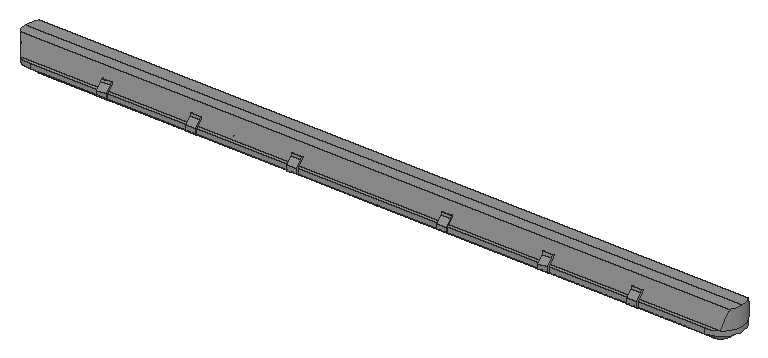
Revit family "ДСП-01 60 Вт 1500", category Осветительные приборы, Revit 2019 (continued)
Types (2, lengths in mm): name | Файл фотометрической сетки | built-in parameter 1150142 | built-in parameter 1150134 | built-in parameter 1150107 | Артикул | URL
     4.7 4.6\r\n291.7 291.7 291.8 291.7 291.5 291.2 290.8 290.4 289.8 289.1 288.4 287.5 286.5 285.6 284.4 283.1 281.8 280.4 278.9 277.2 275.5 273.8 271.8 269.9 267.8 265.6 263.3 260.9 258.4 256 253.3 250.6 247.8 244.9 242 238.9 235.8 232.6 229.4 226 222.6 219.1 215.7 212 208.4 204.7 200.9 197.2 193.4 189.5 185.6 181.6 177.7 173.7 169.7 165.6 161.5 157.4 153.4 149.2 145.1 140.9 136.9 132.7 128.8 124.6 120.7 116.7 112.8 108.8 104.9 101 97.3 93.6 90 86.4 82.9 79.5 76.1 72.8 69.6 66.5 63.4 60.4 57.5 54.7 51.9 49.3 46.8 44.3 41.9 39.6 37.3 35.2 33.1 31.1 29.2 27.3 25.6 23.9 22.2 20.7 19.3 17.9 16.5 15.3 14.1 13 11.8 10.8 9.7 8.8 7.9 7.2 6.5 5.9 5.5 5.1 4.9 4.8 4.7 4.7 4.7 4.6 4.6 4.6 4.6 4.6 4.6 4.6 4.6 4.5 4.5 4.5 4.5 4.5 4.5 4.5 4.5 4.5 4.5 4.5 4.5 4.6 4.5 4.5 4.5 4.5 4.5 4.5 4.5 4.5 4.5 4.5 4.5 4.5 4.5 2.3 2.3 2.3 2.3\r\n291.7 291.7 291.7 291.7 291.5 291.2 290.8 290.3 289.8 289.1 288.3 287.4 286.5 285.5 284.3 283 281.7 280.3 278.8 277.1 275.4 273.7 271.7 269.8 267.7 265.6 263.2 260.8 258.3 255.9 253.2 250.5 247.6 244.9 241.9 238.8 235.8 232.6 229.5 226.1 222.7 219.3 215.9 212.3 208.7 205.1 201.3 197.6 193.8 190 186.2 182.2 178.4 174.4 170.5 166.4 162.4 158.4 154.4 150.2 146.2 142.1 138.1 134 130.1 126 122.1 118.2 114.3 110.4 106.7 102.9 99.2 95.5 92 88.4 85 81.6 78.3 75 71.8 68.6 65.6 62.6 59.7 56.9 54.1 51.5 48.9 46.4 44 41.7 39.4 37.2 35 33.1 31.1 29.2 27.3 25.6 23.9 22.3 20.8 19.3 17.9 16.6 15.3 14.1 12.9 11.8 10.8 9.7 8.7 7.8 7 6.4 5.8 5.3 5 4.8 4.7 4.6 4.6 4.6 4.6 4.5 4.5 4.5 4.5 4.5 4.5 4.4 4.4 4.4 4.4 4.4 4.4 4.4 4.4 4.4 4.4 4.4 4.4 4.4 4.4 4.4 4.4 4.4 4.3 4.4 4.4 4.4 4.4 4.4 4.4 4.4 4.4 0 0 0 0\r\n291.7 291.7 291.8 291.7 291.5 291.2 290.8 290.4 289.8 289.1 288.4 287.5 286.5 285.5 284.4 283.2 281.8 280.4 278.9 277.3 275.6 273.8 271.9 269.9 267.9 265.7 263.4 261 258.6 256.1 253.4 250.8 248 245.2 242.2 239.2 236.2 232.9 229.8 226.5 223.2 219.7 216.3 212.8 209.3 205.6 201.9 198.2 194.5 190.7 186.9 183 179.2 175.3 171.4 167.4 163.5 159.4 155.5 151.4 147.5 143.5 139.6 135.6 131.7 127.7 123.9 119.9 116.2 112.3 108.6 104.9 101.3 97.6 94.2 90.7 87.3 83.9 80.7 77.4 74.2 71.1 68 65.1 62.2 59.4 56.6 54 51.4 48.9 46.4 44.1 41.8 39.6 37.4 35.3 33.3 31.4 29.5 27.7 25.9 24.3 22.7 21.2 19.7 18.3 17 15.7 14.5 13.3 12.2 11.1 10 9.1 8.2 7.4 6.7 6.1 5.6 5.3 5 4.9 4.8 4.8 4.8 4.8 4.8 4.7 4.7 4.7 4.7 4.7 4.7 4.7 4.7 4.7 4.7 4.7 4.7 4.6 4.6 4.6 4.6 4.6 4.6 4.6 4.6 4.6 4.6 4.6 4.6 4.6 4.6 4.6 4.6 4.6 4.6 2.4 2.4 2.4 2.4\r\n291.7 291.7 291.8 291.7 291.5 291.2 290.8 290.4 289.8 289.1 288.4 287.5 286.6 285.6 284.4 283.3 281.9 280.6 279 277.4 275.7 273.9 272.1 270.1 268.1 265.9 263.6 261.3 258.8 256.4 253.7 251.1 248.3 245.5 242.5 239.5 236.5 233.3 230.2 226.9 223.6 220.2 216.8 213.3 209.8 206.2 202.6 198.9 195.2 191.4 187.7 183.8 180.1 176.1 172.3 168.3 164.5 160.5 156.6 152.6 148.8 144.9 141 137.1 133.2 129.3 125.6 121.7 118 114.2 110.5 106.9 103.3 99.8 96.3 93 89.6 86.3 83.1 79.9 76.7 73.6 70.5 67.7 64.7 61.9 59.1 56.5 53.8 51.4 48.9 46.5 44.1 41.9 39.7 37.6 35.5 33.5 31.6 29.8 28 26.3 24.6 23.1 21.5 20 18.6 17.3 16 14.8 13.6 12.5 11.4 10.3 9.3 8.4 7.5 6.9 6.2 5.7 5.4 5.2 5.1 5 5 5 5 5 5 5 5 5 4.9 4.9 4.9 5 4.9 4.9 4.9 4.9 4.9 4.9 4.9 4.9 4.9 4.9 4.9 4.9 4.9 4.9 4.9 4.9 4.9 4.9 4.9 4.9 4.8 4.9 4.9 4.8 4.8\r\n291.6 291.7 291.7 291.6 291.4 291.2 290.8 290.3 289.8 289.1 288.4 287.5 286.6 285.6 284.4 283.3 281.9 280.6 279 277.4 275.7 273.9 272.1 270.1 268.1 265.9 263.7 261.4 258.9 256.5 253.9 251.2 248.4 245.7 242.7 239.7 236.7 233.6 230.5 227.2 223.9 220.5 217.2 213.7 210.2 206.6 203.1 199.4 195.8 192 188.3 184.5 180.7 176.8 173 169.1 165.2 161.3 157.5 153.5 149.7 145.9 142.1 138.2 134.4 130.5 126.8 123 119.3 115.5 111.9 108.3 104.8 101.3 97.9 94.5 91.2 87.9 84.7 81.5 78.3 75.3 72.2 69.4 66.4 63.6 60.8 58.2 55.5 53 50.5 48.2 45.8 43.5 41.3 39.2 37.1 35 33.1 31.2 29.3 27.6 25.9 24.3 22.7 21.2 19.8 18.4 17 15.8 14.6 13.4 12.3 11.2 10.1 9.1 8.2 7.4 6.7 6.1 5.6 5.3 5.1 5 5 5 5 5 5 5 5 4.9 4.9 4.9 4.9 5 4.9 4.9 4.9 4.9 4.8 4.9 4.8 4.8 4.8 4.8 4.8 4.8 4.8 4.8 4.8 4.8 4.8 4.8 4.8 4.8 4.7 4.8 4.8 4.7 4.7\r\n291.6 291.7 291.7 291.6 291.4 291.1 290.7 290.3 289.8 289.1 288.4 287.4 286.6 285.6 284.4 283.3 281.9 280.5 279 277.4 275.7 273.9 272.1 270.1 268.1 266 263.7 261.5 259 256.6 254 251.3 248.6 245.8 242.9 239.9 237 233.9 230.7 227.5 224.2 220.9 217.5 214.1 210.6 207.1 203.5 199.9 196.3 192.6 188.9 185.2 181.3 177.5 173.8 169.8 166 162.2 158.4 154.5 150.7 146.9 143.1 139.2 135.5 131.7 128 124.2 120.6 116.9 113.3 109.8 106.3 102.8 99.4 96.1 92.8 89.5 86.3 83.1 79.9 76.9 73.9 71.1 68.1 65.3 62.5 59.9 57.2 54.7 52.2 49.8 47.4 45.1 42.9 40.8 38.6 36.6 34.5 32.6 30.7 29 27.2 25.5 23.9 22.4 20.9 19.4 18 16.7 15.5 14.3 13.1 12 10.9 9.8 8.8 8 7.1 6.5 5.9 5.4 5.2 5 4.9 4.9 4.9 4.9 4.9 4.9 4.9 4.9 4.9 4.9 4.9 4.9 4.9 4.9 4.9 4.9 4.8 4.8 4.8 4.8 4.8 4.8 4.8 4.8 4.7 4.7 4.7 4.7 4.7 4.7 4.7 4.7 4.6 4.7 4.7 4.6 4.7\r\n291.6 291.7 291.6 291.6 291.4 291.1 290.7 290.2 289.7 289 288.3 287.4 286.5 285.5 284.4 283.2 281.8 280.4 278.9 277.3 275.6 273.9 272 270.1 268 265.9 263.7 261.4 259 256.5 254 251.3 248.6 245.8 242.9 240 237 233.9 230.8 227.6 224.4 221.1 217.7 214.2 210.9 207.3 203.8 200.2 196.6 193 189.3 185.6 181.8 178 174.3 170.4 166.7 162.8 159.1 155.2 151.5 147.7 144 140.2 136.5 132.7 129.1 125.3 121.8 118.1 114.6 111.1 107.6 104.2 100.8 97.5 94.3 91 87.8 84.6 81.5 78.5 75.5 72.6 69.7 66.9 64.1 61.5 58.8 56.3 53.8 51.4 48.9 46.6 44.4 42.2 40.1 38 35.9 34 32.1 30.3 28.5 26.8 25.1 23.5 22 20.5 19.1 17.8 16.4 15.2 14 12.9 11.8 10.7 9.7 8.8 7.9 7.1 6.4 5.9 5.5 5.2 5.1 5.1 5 5.1 5.1 5 5.1 5.1 5.1 5 5 5.1 5 5 5 5 5 5 4.9 5 5 5 4.9 4.9 4.9 4.9 4.9 4.9 4.8 4.9 4.9 4.8 4.8 4.8 4.8 4.8 4.8\r\n291.6 291.7 291.6 291.5 291.3 291 290.7 290.1 289.6 289 288.2 287.4 286.5 285.4 284.3 283.1 281.7 280.4 278.8 277.2 275.5 273.8 271.9 270 267.9 265.8 263.6 261.3 258.9 256.5 253.9 251.3 248.5 245.8 242.9 240 237 234 230.9 227.7 224.5 221.2 217.9 214.4 211.1 207.6 204.1 200.5 197 193.3 189.7 186 182.3 178.5 174.8 171 167.3 163.5 159.8 156 152.3 148.6 144.9 141.1 137.4 133.7 130.1 126.4 122.9 119.3 115.8 112.3 109 105.6 102.2 98.9 95.7 92.4 89.3 86.1 83 80 77 74.1 71.2 68.4 65.7 63 60.4 57.8 55.3 52.9 50.5 48.1 45.9 43.7 41.5 39.4 37.4 35.4 33.4 31.6 29.8 28 26.3 24.7 23.1 21.6 20.2 18.8 17.4 16.2 14.9 13.8 12.7 11.6 10.5 9.5 8.6 7.7 7 6.4 5.8 5.5 5.2 5.2 5.1 5.2 5.2 5.2 5.2 5.2 5.2 5.2 5.2 5.2 5.2 5.2 5.2 5.2 5.2 5.1 5.1 5.2 5.1 5.2 5.1 5.1 5.1 5.1 5.1 5.1 5 5 5 5 4.9 4.9 4.9 4.9 4.9\r\n291.6 291.7 291.6 291.5 291.3 291 290.6 290.1 289.5 288.9 288.1 287.3 286.3 285.3 284.2 282.9 281.6 280.2 278.7 277.1 275.4 273.7 271.8 269.9 267.9 265.8 263.6 261.3 258.9 256.4 253.9 251.3 248.6 245.8 243 240.1 237.1 234.1 231 227.8 224.6 221.4 218.1 214.7 211.3 207.8 204.4 200.8 197.3 193.7 190.1 186.4 182.8 179 175.3 171.6 167.9 164.2 160.5 156.8 153.1 149.4 145.7 142 138.4 134.7 131.1 127.5 124 120.4 117 113.5 110.2 106.8 103.5 100.2 97 93.8 90.7 87.5 84.4 81.4 78.4 75.5 72.6 69.8 67.1 64.4 61.7 59.2 56.6 54.2 51.8 49.4 47.1 44.9 42.7 40.6 38.5 36.5 34.5 32.7 30.8 29 27.3 25.7 24 22.5 21 19.6 18.2 16.9 15.6 14.4 13.3 12.1 11 10.1 9.1 8.2 7.4 6.7 6.1 5.6 5.3 5.1 5 5 5 5 5 5 5.1 5 5 5 5 5 5 5 5 5 5 5 5 5 4.9 4.9 4.9 4.9 4.9 4.9 4.9 4.9 4.9 4.8 4.8 2.5 2.5 2.5 2.4\r\n291.6 291.7 291.6 291.5 291.3 290.9 290.5 290.1 289.5 288.8 288.1 287.2 286.2 285.2 284 282.8 281.5 280.1 278.6 277 275.4 273.6 271.7 269.8 267.8 265.7 263.5 261.2 258.8 256.4 253.8 251.3 248.6 245.8 243 240.1 237.2 234.1 231.1 228 224.8 221.5 218.2 214.9 211.6 208.1 204.7 201.1 197.7 194 190.5 186.9 183.2 179.6 175.9 172.2 168.6 164.9 161.2 157.5 153.9 150.2 146.6 143 139.4 135.7 132.2 128.5 125.1 121.6 118.2 114.7 111.3 108 104.8 101.5 98.3 95.1 92 88.9 85.7 82.8 79.8 76.9 73.9 71.2 68.4 65.7 63 60.5 57.9 55.5 53.1 50.7 48.4 46.1 43.9 41.8 39.7 37.7 35.6 33.7 31.8 30 28.2 26.6 24.9 23.4 21.8 20.4 18.9 17.6 16.3 15.1 13.9 12.7 11.6 10.6 9.6 8.7 7.8 7 6.3 5.7 5.3 5.1 4.9 4.8 4.8 4.9 4.8 4.9 4.9 4.8 4.8 4.9 4.9 4.9 4.9 4.9 4.8 4.9 4.8 4.8 4.8 4.8 4.8 4.8 4.8 4.7 4.7 4.7 4.7 4.7 4.7 4.7 4.7 0 0 0 0\r\n291.6 291.6 291.6 291.4 291.2 290.9 290.5 290 289.4 288.7 288 287.1 286.1 285.1 283.9 282.7 281.4 280 278.5 276.9 275.2 273.5 271.6 269.6 267.6 265.5 263.3 261 258.6 256.1 253.6 251.1 248.4 245.6 242.8 239.9 237 233.9 230.9 227.8 224.6 221.3 218 214.7 211.4 208 204.5 201 197.6 194 190.4 186.8 183.2 179.5 175.9 172.2 168.6 165 161.4 157.7 154.1 150.5 146.9 143.2 139.7 136 132.5 128.9 125.5 122 118.6 115.2 111.9 108.6 105.4 102.1 98.9 95.7 92.7 89.5 86.4 83.5 80.5 77.7 74.7 72 69.2 66.6 63.9 61.3 58.8 56.4 53.9 51.5 49.2 47 44.7 42.6 40.5 38.5 36.4 34.5 32.6 30.8 29 27.3 25.7 24.1 22.5 21.1 19.6 18.2 16.9 15.6 14.4 13.2 12.1 11.1 10.1 9.2 8.3 7.5 6.7 6.1 5.6 5.3 5.1 5 5 5 4.9 4.9 4.9 4.9 4.9 4.9 4.9 4.9 4.9 4.9 4.9 4.9 4.9 4.9 4.9 4.9 4.8 4.8 4.8 4.8 4.8 4.8 4.8 4.7 4.8 4.7 4.7 2.4 2.4 2.4 0\r\n291.5 291.6 291.5 291.3 291.1 290.8 290.4 289.9 289.3 288.6 287.8 286.9 286 285 283.8 282.6 281.2 279.9 278.3 276.7 275 273.3 271.4 269.5 267.4 265.3 263.1 260.7 258.4 255.9 253.4 250.8 248.1 245.4 242.5 239.6 236.7 233.7 230.6 227.6 224.4 221.1 217.9 214.5 211.2 207.8 204.4 200.9 197.4 193.9 190.3 186.7 183.1 179.4 175.9 172.3 168.7 165.1 161.5 157.8 154.3 150.7 147.1 143.5 139.9 136.3 132.8 129.3 125.9 122.5 119.1 115.7 112.5 109.2 106 102.7 99.6 96.4 93.4 90.2 87.2 84.3 81.3 78.4 75.5 72.8 70 67.4 64.7 62.2 59.6 57.2 54.7 52.4 50 47.8 45.6 43.4 41.3 39.3 37.2 35.3 33.4 31.6 29.8 28.1 26.4 24.8 23.2 21.7 20.2 18.9 17.5 16.2 15 13.8 12.7 11.6 10.6 9.6 8.7 7.9 7.1 6.5 5.9 5.6 5.3 5.1 5.1 5.1 5.1 5 5 5 5 5 4.9 4.9 5 4.9 4.9 4.9 4.9 4.9 4.9 4.9 4.9 4.9 4.9 4.9 4.8 4.8 4.9 4.8 4.8 4.8 4.8 4.8 4.8 4.8 0\r\n291.5 291.6 291.5 291.3 291.1 290.8 290.3 289.8 289.2 288.6 287.8 286.9 285.9 284.9 283.7 282.5 281.1 279.8 278.2 276.6 274.9 273.2 271.3 269.3 267.3 265.2 262.9 260.6 258.2 255.7 253.2 250.6 247.9 245.2 242.3 239.4 236.4 233.4 230.4 227.3 224.2 220.9 217.7 214.4 211.1 207.7 204.3 200.8 197.4 193.9 190.3 186.8 183.2 179.6 176.1 172.5 168.9 165.4 161.8 158.2 154.7 151.1 147.5 143.9 140.4 136.8 133.3 129.9 126.5 123.1 119.7 116.3 113.1 109.8 106.7 103.4 100.3 97.1 94.1 91 88 85.1 82.1 79.3 76.4 73.6 70.9 68.3 65.6 63.1 60.5 58.1 55.6 53.3 50.9 48.7 46.4 44.3 42.1 40.1 38.1 36.1 34.2 32.4 30.5 28.8 27.1 25.5 23.9 22.4 20.9 19.5 18.1 16.8 15.6 14.3 13.2 12.1 11.1 10.1 9.1 8.3 7.5 6.8 6.2 5.7 5.4 5.2 5.2 5.2 5.2 5.1 5.1 5.1 5.1 5.1 5 5 5 5 5 5 4.9 4.9 4.9 4.9 4.9 4.9 4.9 4.9 4.9 4.8 4.9 4.8 2.4 2.4 2.4 2.4 2.4 2.4 0\r\n291.5 291.5 291.5 291.3 291.1 290.7 290.3 289.8 289.2 288.5 287.7 286.9 285.9 284.8 283.6 282.4 281.1 279.6 278.1 276.5 274.8 273 271.1 269.2 267.1 265 262.7 260.4 258 255.6 253 250.4 247.6 244.9 242 239.1 236.2 233.2 230.2 227 223.9 220.7 217.5 214.3 211 207.6 204.2 200.7 197.3 193.9 190.4 186.8 183.3 179.7 176.2 172.7 169.1 165.6 162.1 158.5 155 151.5 147.9 144.3 140.8 137.3 133.9 130.4 127 123.6 120.3 117 113.8 110.5 107.3 104.1 101 97.9 94.9 91.8 88.8 85.9 82.9 80.2 77.3 74.5 71.8 69.1 66.5 64 61.4 58.9 56.5 54.2 51.8 49.5 47.2 45.1 43 40.9 38.9 37 34.9 33.1 31.3 29.6 27.8 26.2 24.6 23 21.5 20.1 18.7 17.4 16.1 14.9 13.7 12.6 11.5 10.6 9.6 8.7 7.9 7.1 6.5 5.9 5.6 5.3 5.3 5.3 5.3 5.2 5.2 5.2 5.1 5.1 5.1 5 5 5 5 5 4.9 4.9 4.9 4.9 4.9 4.9 4.9 4.9 4.9 4.8 4.9 4.9 0 0 0 0 0 0 0\r\n291.6 291.6 291.5 291.3 291.1 290.7 290.3 289.7 289.1 288.5 287.6 286.8 285.8 284.7 283.5 282.3 280.9 279.5 278 276.4 274.7 272.9 271 269.1 267 264.9 262.6 260.4 258 255.5 253 250.4 247.7 245 242.1 239.2 236.3 233.3 230.3 227.2 224.1 220.9 217.7 214.4 211.1 207.7 204.4 200.9 197.5 194 190.5 187 183.5 179.8 176.4 172.8 169.3 165.7 162.2 158.6 155.1 151.6 148.1 144.5 141 137.5 134 130.6 127.2 123.9 120.6 117.2 114 110.8 107.6 104.4 101.3 98.2 95.1 92 89 86.1 83.2 80.4 77.5 74.7 72 69.4 66.7 64.2 61.6 59.2 56.7 54.4 52 49.7 47.5 45.3 43.2 41.2 39.1 37.2 35.2 33.3 31.5 29.7 28 26.4 24.8 23.2 21.7 20.3 18.9 17.6 16.3 15 13.8 12.7 11.7 10.7 9.7 8.8 8 7.2 6.5 6 5.6 5.4 5.3 5.3 5.3 5.2 5.3 5.2 5.2 5.2 5.2 5.1 5.1 5.1 5.1 5.1 5 5.1 5 5 5 5 4.9 4.9 4.9 4.9 4.9 4.9 2.4 2.4 2.4 2.4 0 0 0\r\n291.7 291.6 291.5 291.3 291.1 290.7 290.3 289.7 289.1 288.4 287.6 286.7 285.7 284.7 283.5 282.2 280.8 279.4 277.9 276.3 274.6 272.8 270.9 269 266.9 264.8 262.6 260.4 258 255.5 253 250.4 247.7 245 242.2 239.3 236.4 233.5 230.4 227.4 224.2 221 217.9 214.5 211.3 207.9 204.5 201.1 197.7 194.2 190.7 187.1 183.6 180 176.5 172.9 169.4 165.9 162.4 158.8 155.3 151.8 148.2 144.6 141.2 137.6 134.2 130.8 127.4 124.1 120.8 117.5 114.2 111 107.9 104.7 101.6 98.4 95.4 92.3 89.3 86.4 83.4 80.6 77.7 75 72.3 69.6 67 64.4 61.9 59.4 56.9 54.6 52.3 50 47.8 45.6 43.4 41.4 39.3 37.4 35.4 33.5 31.7 29.9 28.2 26.5 24.9 23.3 21.9 20.5 19.1 17.7 16.4 15.2 13.9 12.9 11.8 10.8 9.8 8.9 8 7.3 6.6 6.1 5.7 5.5 5.4 5.3 5.3 5.3 5.3 5.3 5.3 5.2 5.3 5.2 5.3 5.2 5.2 5.2 5.1 5.2 5.1 5 5 5 4.9 5 4.9 4.9 4.9 4.9 4.8 4.9 4.9 4.8 0 0 0\r\n291.6 291.6 291.4 291.2 290.9 290.6 290.1 289.5 288.9 288.1 287.3 286.4 285.3 284.2 283 281.7 280.3 278.9 277.3 275.7 274 272.1 270.2 268.2 266.1 264 261.7 259.4 257 254.6 252 249.5 246.7 244 241.1 238.3 235.4 232.4 229.4 226.3 223.2 220.1 216.9 213.6 210.3 207 203.7 200.2 196.8 193.3 189.9 186.3 182.9 179.3 175.9 172.3 168.8 165.3 161.8 158.3 154.8 151.3 147.8 144.2 140.8 137.3 133.9 130.5 127.2 123.8 120.6 117.3 114.1 110.9 107.8 104.6 101.6 98.4 95.4 92.3 89.4 86.5 83.5 80.7 77.9 75.1 72.4 69.8 67.2 64.6 62.1 59.6 57.2 54.9 52.5 50.2 48 45.9 43.7 41.7 39.6 37.6 35.7 33.8 32 30.2 28.5 26.8 25.2 23.6 22.2 20.7 19.3 18 16.6 15.4 14.2 13.1 12 11 10 9.1 8.2 7.5 6.7 6.1 5.7 5.4 5.2 5.2 5.2 5.2 5.2 5.1 5.1 5.1 5.1 5.1 5.1 5.1 5.1 5.1 5 5.1 5 2.5 2.5 2.5 2.5 2.5 2.5 2.5 2.4 2.4 2.4 2.4 2.4 2.4 0 0 0\r\n291.6 291.5 291.4 291.1 290.8 290.4 289.9 289.4 288.6 287.9 287 286.1 285 283.8 282.5 281.2 279.8 278.3 276.7 275.1 273.3 271.5 269.5 267.5 265.3 263.1 260.8 258.5 256.1 253.7 251 248.5 245.7 242.9 240.1 237.3 234.4 231.3 228.4 225.2 222.1 219.1 215.8 212.7 209.3 206 202.8 199.3 195.9 192.5 189 185.5 182.1 178.5 175.2 171.6 168.2 164.7 161.2 157.7 154.3 150.8 147.3 143.8 140.4 137 133.6 130.3 126.9 123.6 120.4 117.2 114 110.8 107.7 104.5 101.5 98.4 95.4 92.4 89.4 86.6 83.6 80.9 78 75.3 72.6 70 67.4 64.9 62.3 59.9 57.4 55.1 52.7 50.5 48.3 46.2 43.9 41.9 39.9 37.9 35.9 34.1 32.3 30.5 28.8 27.1 25.5 23.9 22.4 21 19.6 18.2 16.9 15.7 14.4 13.3 12.2 11.2 10.2 9.2 8.3 7.6 6.8 6.2 5.7 5.3 5.1 5.1 5 5 5.1 5 5 5 5 5 5 5 5 4.9 4.9 4.9 5 0 0 0 0 0 0 0 0 0 0 0 0 0 0 0 0\r\n291.6 291.5 291.4 291.2 290.9 290.5 290 289.4 288.8 288 287.2 286.3 285.2 284.1 282.8 281.6 280.2 278.8 277.2 275.6 273.9 272.1 270.1 268.2 266.1 264.1 261.8 259.5 257.2 254.8 252.3 249.8 247.1 244.5 241.7 238.9 236.1 233.2 230.2 227.2 224.2 221.2 218 214.9 211.6 208.4 205.2 201.8 198.5 195.2 191.7 188.3 184.9 181.4 178.1 174.6 171.1 167.7 164.3 160.8 157.4 153.9 150.5 147 143.6 140.2 136.8 133.4 130 126.6 123.4 120 116.8 113.4 110.2 106.8 103.6 100.2 97 93.7 90.6 87.6 84.6 81.7 78.8 76 73.3 70.6 68 65.4 62.9 60.4 57.9 55.5 53.1 50.8 48.5 46.4 44.2 42.1 40.1 38.1 36.1 34.2 32.3 30.6 28.8 27.1 25.5 23.9 22.4 20.9 19.5 18.1 16.8 15.5 14.3 13.2 12 11 10 9 8.1 7.4 6.6 6 5.5 5.2 5 5 5 5 5 4.9 5 5 4.9 5 4.9 5 4.9 4.9 4.9 4.9 4.9 2.4 2.4 2.3 2.3 2.3 2.3 2.3 2.3 2.3 2.3 2.3 2.3 2.3 2.3 2.3 2.3\r\n291.6 291.5 291.4 291.2 291 290.6 290.1 289.5 288.9 288.2 287.4 286.5 285.4 284.4 283.1 281.9 280.5 279.2 277.6 276.1 274.4 272.7 270.8 269 267 265 262.8 260.6 258.3 256 253.6 251.1 248.5 246 243.3 240.6 237.7 235 232.1 229.2 226.2 223.3 220.2 217.1 214 210.8 207.6 204.4 201.1 197.8 194.4 191.1 187.7 184.3 180.9 177.6 174.1 170.7 167.3 163.9 160.5 157 153.6 150.2 146.8 143.3 139.9 136.5 133.1 129.7 126.3 122.9 119.6 116 112.7 109.1 105.6 102.1 98.6 95.1 91.8 88.6 85.5 82.5 79.6 76.7 73.9 71.2 68.6 66 63.4 60.8 58.4 55.9 53.5 51.1 48.8 46.6 44.4 42.3 40.3 38.2 36.2 34.3 32.4 30.6 28.9 27.2 25.5 23.9 22.3 20.9 19.4 18 16.6 15.4 14.1 13 11.8 10.8 9.8 8.8 7.9 7.1 6.4 5.8 5.3 5 4.9 4.9 4.9 4.9 5 4.9 4.9 4.9 4.9 4.9 4.9 4.9 4.9 4.9 4.9 4.9 4.8 4.7 4.8 4.7 4.6 4.6 4.6 4.6 4.5 4.6 4.6 4.6 4.6 4.6
